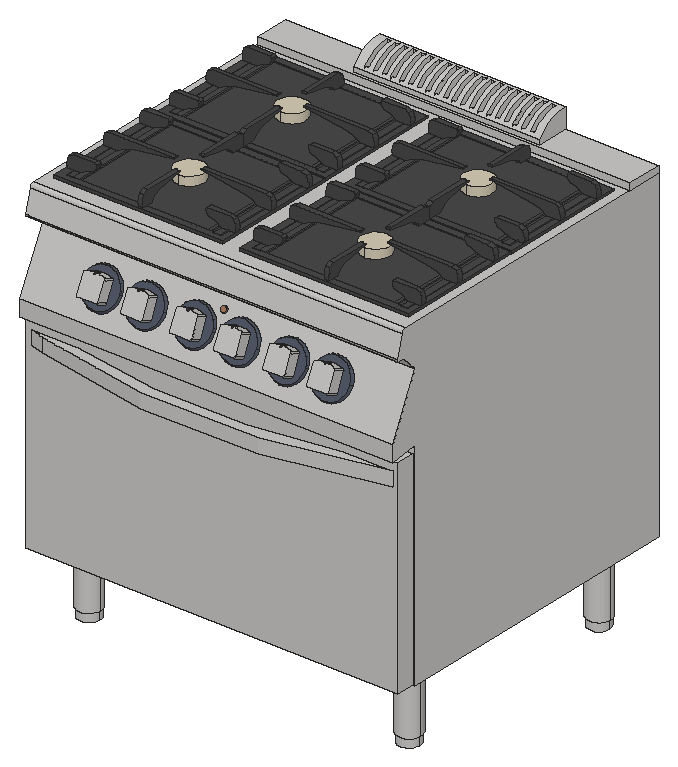
Revit family "QF_ZANUSSI_372149_Z7GCGH4CEA", category Specialty Equipment, Revit 2018 (continued)
Automatic sketch dimensions
  Extrusion 34 sketch curve to Extrusion 34 sketch curve = 5.399 mm
  Blend 35 sketch curve to plane 7 "Center Y" = 47.5 mm  (x2)
  Split face 47 sketch curve to Split face 47 sketch curve = 6.0 mm
  Split face 47 sketch curve to Split face 47 sketch curve = 2.0 mm
  plane 13 "panel" to Extrusion 36 sketch curve = 35.0 mm
  plane 5 "FRONT" to Extrusion 36 sketch curve = 5.671 mm
  Extrusion 36 sketch curve to Extrusion 36 sketch curve = 3.0 mm
  Extrusion 36 sketch curve to Extrusion 36 sketch curve = 0.0 mm
  Extrusion 36 sketch curve to Extrusion 36 sketch curve = 1.0 mm  (x2)
  Extrusion 36 sketch curve to Extrusion 36 sketch curve = 15.0 mm
  plane 7 "Center Y" to Extrusion 37 sketch curve = 65.0 mm
  plane 7 "Center Y" to Extrusion 37 sketch curve = 30.0 mm
  Extrusion 37 sketch curve to Extrusion 37 sketch curve = 35.0 mm
  Split face 48 sketch curve to Split face 48 sketch curve = 6.0 mm
  Split face 48 sketch curve to Split face 48 sketch curve = 2.0 mm
  Split face 49 sketch curve to Split face 49 sketch curve = 6.0 mm
  Split face 49 sketch curve to Split face 49 sketch curve = 2.0 mm
  Extrusion 38 sketch curve to plane 7 "Center Y" = 0.0 mm
  curve 199 to curve 200 = 0.0 mm  (x2)
  curve 199 to curve 201 = 0.0 mm  (x2)
  curve 199 to curve 202 = 0.0 mm  (x2)
  plane 11 to curve 11 = 0.0 mm
  curve 3 to plane 4 "RIGHT" = 0.0 mm
  curve 199 to plane 11 = 0.1 mm
  curve 200 to plane 11 = 0.1 mm
  plane 1 "BACK" to curve 93 = 0.0 mm
  curve 202 to plane 7 "Center Y" = 0.0 mm
  curve 202 to plane 11 = 0.1 mm
  curve 1 to plane 3 "LEFT" = 0.0 mm
  plane 11 to curve 9 = 0.0 mm
  plane 11 to curve 7 = 0.0 mm
  plane 11 to curve 4 = 0.0 mm
  plane 12 to curve 3 = 0.0 mm
  plane 4 "RIGHT" to curve 10 = 100.0 mm
  plane 1 "BACK" to curve 60 = 63.911 mm
  plane 7 "Center Y" to curve 60 = 185.153 mm
  curve 60 to curve 61 = 9.296 mm
  curve 62 to curve 64 = 9.397 mm
  curve 64 to curve 66 = 9.296 mm
  curve 66 to curve 71 = 9.397 mm
  curve 68 to curve 69 = 9.296 mm
  curve 69 to curve 72 = 9.397 mm
  curve 72 to curve 75 = 9.296 mm
  curve 74 to curve 76 = 9.397 mm
  curve 76 to curve 79 = 9.296 mm
  curve 77 to curve 80 = 9.397 mm
  curve 80 to curve 81 = 9.296 mm
  curve 82 to curve 84 = 9.397 mm
  curve 84 to curve 86 = 9.296 mm
  curve 85 to curve 89 = 9.397 mm
  curve 88 to curve 90 = 9.296 mm
  curve 90 to curve 16 = 9.397 mm
  curve 16 to curve 18 = 9.296 mm
  curve 17 to curve 20 = 9.397 mm
  plane 7 "Center Y" to curve 22 = 7.624 mm
  curve 25 to plane 7 "Center Y" = 1.773 mm
  curve 24 to curve 27 = 9.296 mm
  curve 25 to curve 29 = 9.397 mm
  curve 28 to curve 29 = 9.296 mm
  curve 29 to curve 32 = 9.397 mm
  curve 32 to curve 34 = 9.296 mm
  curve 33 to curve 36 = 9.397 mm
  curve 36 to curve 37 = 9.296 mm
  curve 37 to curve 40 = 9.397 mm
  curve 40 to curve 43 = 9.296 mm
  curve 41 to curve 44 = 9.397 mm
  curve 44 to curve 46 = 9.296 mm
  curve 46 to curve 48 = 9.397 mm
  curve 48 to curve 50 = 9.296 mm
  curve 50 to curve 52 = 9.397 mm
  curve 52 to curve 55 = 9.296 mm
  curve 53 to curve 57 = 9.397 mm
  curve 56 to curve 58 = 9.296 mm
  curve 58 to curve 15 = 9.397 mm
  curve 12 to curve 14 = 9.296 mm
  curve 9 to plane 3 "LEFT" = 100.0 mm
  curve 10 to plane 1 "BACK" = 100.0 mm
  curve 199 to plane 1 "BACK" = 537.6 mm
  plane 1 "BACK" to curve 87 = 6.761 mm
  plane 1 "BACK" to curve 88 = 6.761 mm
  plane 1 "BACK" to curve 51 = 6.761 mm
  plane 1 "BACK" to curve 12 = 6.761 mm
  plane 1 "BACK" to curve 83 = 6.761 mm
  plane 1 "BACK" to curve 16 = 6.761 mm
  plane 1 "BACK" to curve 79 = 6.761 mm
  plane 1 "BACK" to curve 20 = 6.761 mm
  plane 1 "BACK" to curve 75 = 6.761 mm
  plane 1 "BACK" to curve 24 = 6.761 mm
  plane 1 "BACK" to curve 71 = 6.761 mm
  plane 1 "BACK" to curve 28 = 6.761 mm
  plane 1 "BACK" to curve 67 = 6.761 mm
  plane 1 "BACK" to curve 32 = 6.761 mm
  plane 1 "BACK" to curve 63 = 6.761 mm
  plane 1 "BACK" to curve 36 = 6.761 mm
  plane 1 "BACK" to curve 59 = 6.761 mm
  plane 1 "BACK" to curve 40 = 6.761 mm
  plane 1 "BACK" to curve 55 = 6.761 mm
  plane 1 "BACK" to curve 44 = 6.761 mm
  curve 46 to curve 45 = 57.15 mm
  curve 48 to curve 45 = 0.0 mm
  curve 90 to curve 90 = 57.15 mm
  curve 44 to curve 42 = 0.0 mm
  curve 52 to curve 49 = 0.0 mm
  curve 40 to curve 38 = 0.0 mm
  curve 56 to curve 53 = 0.0 mm
  curve 36 to curve 34 = 0.0 mm
  curve 32 to curve 30 = 0.0 mm
  curve 64 to curve 61 = 0.0 mm
  curve 28 to curve 26 = 0.0 mm
  curve 68 to curve 65 = 0.0 mm
  curve 24 to curve 22 = 0.0 mm
  curve 72 to curve 69 = 0.0 mm
  curve 20 to curve 18 = 0.0 mm
  curve 76 to curve 73 = 0.0 mm
  curve 14 to curve 57 = 0.0 mm
  curve 80 to curve 77 = 0.0 mm
  curve 84 to curve 81 = 0.0 mm
  curve 199 to plane 4 "RIGHT" = 61.73 mm
  curve 199 to curve 200 = 114.269 mm
  curve 93 to curve 60 = 14.847 mm
  plane 11 to curve 200 = 7.604 mm
  plane 11 to curve 201 = 10.58 mm  (x2)
  curve 200 to curve 201 = 22.879 mm
  plane 11 to curve 202 = 7.605 mm
  curve 201 to curve 202 = 22.876 mm
  curve 13 to curve 92 = 20.698 mm
  curve 199 to plane 11 = 0.229 mm
  curve 7 to curve 5 = 69.85 mm
  curve 5 to curve 6 = 6.35 mm
  plane 5 "FRONT" to Extrusion 5 sketch curve = 15.0 mm
  Extrusion 5 sketch curve to plane 5 "FRONT" = 0.0 mm
  Extrusion 5 sketch curve to plane 6 "TOP" = 110.989 mm
  Extrusion 5 sketch curve to plane 5 "FRONT" = 0.116 mm
  Extrusion 5 sketch curve to Extrusion 5 sketch curve = 2.884 mm
  Extrusion 5 sketch curve to plane 6 "TOP" = 65.474 mm
  Extrusion 5 sketch curve to Extrusion 5 sketch curve = 13.051 mm
  Extrusion 5 sketch curve to plane 6 "TOP" = 114.816 mm
  Extrusion 5 sketch curve to Extrusion 5 sketch curve = 10.198 mm
  Extrusion 5 sketch curve to Extrusion 5 sketch curve = 7.474 mm
  Extrusion 5 sketch curve to Extrusion 5 sketch curve = 40.0 mm
  Extrusion 5 sketch curve to Extrusion 5 sketch curve = 1.355 mm
  Extrusion 5 sketch curve to Extrusion 5 sketch curve = 0.445 mm
  Extrusion 5 sketch curve to Extrusion 5 sketch curve = 5.0 mm  (x2)
  Extrusion 5 sketch curve to plane 10 = 88.636 mm
  Extrusion 5 sketch curve to Extrusion 5 sketch curve = 31.82 mm
  Extrusion 5 sketch curve to plane 1 "BACK" = 0.0 mm
  Extrusion 5 sketch curve to plane 10 = 209.492 mm
  Extrusion 5 sketch curve to Extrusion 5 sketch curve = 27.08 mm
  Extrusion 5 sketch curve to Extrusion 5 sketch curve = 35.0 mm
  Extrusion 5 sketch curve to Extrusion 5 sketch curve = 10.259 mm
  plane 9 "Base" to Extrusion 5 sketch curve = 5.0 mm
  radius of Extrusion 7 sketch curve = 6.35 mm
  radius of Blend 12 sketch curve = 42.5 mm
  radius of Blend 12 sketch curve = 40.5 mm
  radius of Split face 1 sketch curve = 3.0 mm
  radius of Blend 18 sketch curve = 42.5 mm
  radius of Blend 18 sketch curve = 40.5 mm
  radius of Split face 10 sketch curve = 1.5 mm
  radius of Split face 11 sketch curve = 2.029 mm
  radius of Split face 12 sketch curve = 2.031 mm
  radius of Split face 13 sketch curve = 3.497 mm
  radius of Split face 14 sketch curve = 3.497 mm
  radius of Split face 15 sketch curve = 3.0 mm
  radius of Split face 16 sketch curve = 1.5 mm
  radius of Blend 20 sketch curve = 42.5 mm
  radius of Blend 20 sketch curve = 40.5 mm
  radius of Split face 17 sketch curve = 1.0 mm
  radius of Split face 18 sketch curve = 1.0 mm
  radius of Split face 19 sketch curve = 1.0 mm
  radius of Split face 20 sketch curve = 1.0 mm
  radius of Split face 21 sketch curve = 1.0 mm
  radius of Split face 22 sketch curve = 1.0 mm
  radius of Split face 23 sketch curve = 1.0 mm
  radius of Split face 24 sketch curve = 1.0 mm
  radius of Split face 25 sketch curve = 1.0 mm
  radius of Split face 26 sketch curve = 1.0 mm
  radius of Split face 27 sketch curve = 1.0 mm
  radius of Split face 28 sketch curve = 1.0 mm
  radius of Split face 29 sketch curve = 1.0 mm
  radius of Blend 22 sketch curve = 42.5 mm
  radius of Blend 22 sketch curve = 40.5 mm
  radius of Split face 30 sketch curve = 3.0 mm
  radius of Blend 28 sketch curve = 42.5 mm
  radius of Blend 28 sketch curve = 40.5 mm
  radius of Split face 39 sketch curve = 1.5 mm
  radius of Split face 40 sketch curve = 2.029 mm
  radius of Split face 41 sketch curve = 2.031 mm
  radius of Split face 42 sketch curve = 3.497 mm
  radius of Split face 43 sketch curve = 3.497 mm
  radius of Split face 44 sketch curve = 3.0 mm
  radius of Split face 45 sketch curve = 1.5 mm
  radius of Extrusion 31 sketch curve = 10.0 mm
  radius of Split face 46 sketch curve = 1.0 mm
  radius of Blend 35 sketch curve = 42.5 mm
  radius of Blend 35 sketch curve = 40.5 mm
  radius of Split face 50 sketch curve = 1.714 mm
  radius of Extrusion 38 sketch curve = 6.0 mm
Nested families
  nested 1: "QF_372003_BURNER" at (12.5, -5, 0), type "QF_372003_BURNER"
    with Type Mark "", Status "", Specification by User "", Revision Code "", Item Number "", Installed By "", Identify Quantity as Lot yes, Furnished By "", Foodservice Equipment Identifier yes
  nested 2: "QF_372003_BURNER" at (12.5, -738.715, 0), type "QF_372003_BURNER"
    with Type Mark "", Status "", Specification by User "", Revision Code "", Item Number "", Installed By "", Identify Quantity as Lot yes, Furnished By "", Foodservice Equipment Identifier yes
  nested 3: "QF_372003_BURNER" at (412.5, -5, 0), type "QF_372003_BURNER"
    with Type Mark "", Status "", Specification by User "", Revision Code "", Item Number "", Installed By "", Identify Quantity as Lot yes, Furnished By "", Foodservice Equipment Identifier yes
  nested 4: "QF_372003_BURNER" at (412.5, -738.715, 0), type "QF_372003_BURNER"
    with Type Mark "", Status "", Specification by User "", Revision Code "", Item Number "", Installed By "", Identify Quantity as Lot yes, Furnished By "", Foodservice Equipment Identifier yes
Connectors
  piping at (747.613, -466, 141.185), diameter 12.8
    settings: on Extrusion 7, index 1, connector inside diameter 0.50394", connector length 0.0 mm, flow factor 0, pipe flow 0 GPM, pressure drop 0.00 psi, fitting loss kfactor 0, connector angle 0.00°, fixture units 0, engagement length 0.0 mm, angle of deflection 0.00°, flow configuration 1, flow direction 1, fitting loss method 0, system type 7, joint type 0, gender type 0, connector reference index -1, connector utility 0, adjustable connector no, is connector primary yes, connector description "Gas Inlet"
  electrical at (752, -513, 147), driven by "Volts"
    settings: on Extrusion 31, index 2, voltage 380 V, apparent load 0 VA, apparent load phase1 0 VA, apparent load phase2 0 VA, apparent load phase3 0 VA, power factor 1, load classification "Other", number of poles 1, system type 30, power factor state 1, is connector primary yes, connector utility no, sub classification motor no, connector description "Electrical Connection"
Definition of nested family "QF_372003_BURNER"
  Parameters
    Weight in Pounds = 0
    URL Cutsheet = ""
    URL = "www.electrolux.com"
    Type Mark [instance] = ""
    Status [instance] = ""
    Specification by User [instance] = ""
    Specification by Manufacturer = ""
    Serial Number = ""
    Seismic Rating = ""
    SMACNA No = ""
    Revision Code [instance] = ""
    Omniclass Number and Title = ""
    NAFEM Spec ID Number = ""
    Model = "371009"
    Masterspec = ""
    Manufacturer = "ELECTROLUX"
    Item Number [instance] = ""
    Installed By [instance] = ""
    Identify Quantity as Lot [instance] = yes
    Furnished By [instance] = ""
    Foodservice Equipment Identifier [instance] = yes
    Description = ""
    CSI MasterFormat = ""
    CSI Master Format = ""
  Reference planes
    plane 1 "BACK": y = 0
    plane 2: z = 0
    plane 3 "LEFT": x = 0
    plane 4 "RIGHT": x = 800
    plane 5 "FRONT": y = -700
    plane 6 "TOP": z = 908.85
    plane 7 "Center Y": x = 400
    plane 8 "Center X": y = -350
    plane 9 "Base": z = 150
    plane 10: z = 850.85
  Forms (mm)
    Extrusion 1, solid
      sketch origin (0, -734.127, 5) x (1, 0, 0) y (0, 0, -1)
        loop
          arc (7.142, -850.85) -> (6.739, -862.989) -> (9.761, -874.752) r 42.809
          line (9.761, -874.752) -> (19.961, -879.425) -> (157.339, -879.425)
          arc (157.339, -879.425) -> (158.533, -878.312) -> (157.506, -877.043) r 1.197
          line (157.506, -877.043) -> (64.848, -864.021)
          arc (64.848, -864.021) -> (50.111, -858.738) -> (36.589, -850.85) r 85.245
          line (36.589, -850.85) -> (7.142, -850.85)
        loop
          line (367.858, -850.85) -> (338.411, -850.85)
          arc (338.411, -850.85) -> (324.889, -858.738) -> (310.152, -864.021) r 85.245
          line (310.152, -864.021) -> (217.494, -877.043)
          arc (217.494, -877.043) -> (216.467, -878.312) -> (217.661, -879.425) r 1.197
          line (217.661, -879.425) -> (355.039, -879.425) -> (365.239, -874.752)
          arc (365.239, -874.752) -> (368.261, -862.989) -> (367.858, -850.85) r 42.809
      from 224.564 to 234.564
    Extrusion 2, solid
      sketch origin (0, -734.127, 5) x (1, 0, 0) y (0, 0, -1)
        loop
          arc (7.056, -850.85) -> (6.705, -862.948) -> (9.748, -874.663) r 42.876
          line (9.748, -874.663) -> (19.961, -879.425) -> (65.851, -879.425)
          arc (65.851, -879.425) -> (68.577, -878.352) -> (69.841, -875.709) r 4
          arc (69.841, -875.709) -> (68.75, -869.25) -> (64.816, -864.012) r 13.87
          arc (64.816, -864.012) -> (50.096, -858.731) -> (36.589, -850.85) r 85.245
          line (36.589, -850.85) -> (7.056, -850.85)
        loop
          line (367.944, -850.85) -> (338.411, -850.85)
          arc (338.411, -850.85) -> (324.904, -858.731) -> (310.184, -864.012) r 85.245
          arc (310.184, -864.012) -> (306.25, -869.25) -> (305.159, -875.709) r 13.87
          arc (305.159, -875.709) -> (306.423, -878.352) -> (309.149, -879.425) r 4
          line (309.149, -879.425) -> (355.039, -879.425) -> (365.252, -874.663)
          arc (365.252, -874.663) -> (368.295, -862.948) -> (367.944, -850.85) r 42.876
      from 127.064 to 137.064
    Extrusion 3, solid
      sketch origin (0, -275, 5) x (1, 0, 0) y (0, 0, 1)
        loop
          arc (64.816, 864.012) -> (68.75, 869.25) -> (69.841, 875.709) r 13.87
          arc (69.841, 875.709) -> (68.577, 878.352) -> (65.851, 879.425) r 4
          line (65.851, 879.425) -> (19.961, 879.425) -> (9.748, 874.663)
          arc (9.748, 874.663) -> (6.705, 862.948) -> (7.056, 850.85) r 42.876
          line (7.056, 850.85) -> (36.589, 850.85)
          arc (36.589, 850.85) -> (50.096, 858.731) -> (64.816, 864.012) r 85.245
        loop
          arc (310.184, 864.012) -> (324.904, 858.731) -> (338.411, 850.85) r 85.245
          line (338.411, 850.85) -> (367.944, 850.85)
          arc (367.944, 850.85) -> (368.295, 862.948) -> (365.252, 874.663) r 42.876
          line (365.252, 874.663) -> (355.039, 879.425) -> (309.149, 879.425)
          arc (309.149, 879.425) -> (306.423, 878.352) -> (305.159, 875.709) r 4
          arc (305.159, 875.709) -> (306.25, 869.25) -> (310.184, 864.012) r 13.87
      from 127.064 to 137.064
    Extrusion 4, solid
      sketch origin (454.964, -29.48, 5) x (0, -1, 0) y (0, 0, 1)
        loop
          arc (366.649, 850.85) -> (375.927, 861.743) -> (389.337, 866.736) r 28.426
          line (389.337, 866.736) -> (441.256, 877.043)
          arc (441.256, 877.043) -> (442.283, 878.312) -> (441.089, 879.425) r 1.197
          line (441.089, 879.425) -> (347.797, 879.425)
          arc (347.797, 879.425) -> (343.211, 875.934) -> (337.583, 874.694) r 13.39
          line (337.583, 874.694) -> (337.583, 850.85) -> (366.649, 850.85)
        loop
          arc (606.236, 850.85) -> (606.587, 862.948) -> (603.543, 874.663) r 42.876
          line (603.543, 874.663) -> (593.33, 879.425) -> (509.077, 879.425)
          arc (509.077, 879.425) -> (507.883, 878.312) -> (508.911, 877.043) r 1.197
          line (508.911, 877.043) -> (560.83, 866.736)
          arc (560.83, 866.736) -> (574.239, 861.743) -> (583.518, 850.85) r 28.426
          line (583.518, 850.85) -> (606.236, 850.85)
      from 262.464 to 272.464
    Extrusion 5, solid
      sketch origin (0, 0, 850.85) x (0, -1, 0) y (1, 0, 0)
        loop
          line (642.216, 6.433) -> (642.216, 368.567) -> (367.857, 368.567) -> (367.857, 6.433) -> (642.216, 6.433)
        loop
          line (382.857, 21.433) -> (627.216, 21.433) -> (627.216, 353.567) -> (382.857, 353.567) -> (382.857, 21.433)
      from 0 to 5
    Extrusion 6, solid
      sketch origin (-12.5, 0, 855.85) x (0, -1, 0) y (1, 0, 0)
        loop
          circle (504.356, 200) r 30
      from -1.321 to 17.134
    Extrusion 7, solid
      sketch origin (0, -734.127, 0) x (1, 0, 0) y (0, 0, -1)
        loop
          line (21.433, -855.85) -> (36.589, -855.85)
          arc (36.589, -855.85) -> (40.561, -855.243) -> (44.305, -853.783) r 18.259
          arc (44.305, -853.783) -> (45.997, -853.366) -> (47.69, -853.783) r 3.649
          arc (47.69, -853.783) -> (49.901, -854.522) -> (52.232, -854.529) r 7.328
          line (52.232, -854.529) -> (322.768, -854.529)
          arc (322.768, -854.529) -> (325.099, -854.522) -> (327.31, -853.783) r 7.328
          arc (327.31, -853.783) -> (329.003, -853.366) -> (330.695, -853.783) r 3.649
          arc (330.695, -853.783) -> (334.439, -855.243) -> (338.411, -855.85) r 18.259
          line (338.411, -855.85) -> (353.567, -855.85) -> (353.567, -850.85) -> (21.433, -850.85) -> (21.433, -855.85)
      from 106.911 to 351.27
  Lines and regions (mm)
    symbolic lines
      curve 1: line (6.433, -642.216, 150) -> (368.567, -642.216, 150)
      curve 2: line (6.433, -367.857, 150) -> (6.433, -642.216, 150)
      curve 3: line (368.567, -367.857, 150) -> (192.5, -367.857, 150)
      curve 4: line (368.567, -642.216, 150) -> (368.567, -367.857, 150)
      curve 5: line (353.567, -382.857, 150) -> (192.5, -382.857, 150)
      curve 6: line (353.567, -627.216, 150) -> (353.567, -607.064, 150)
      curve 7: line (21.433, -627.216, 150) -> (182.5, -627.216, 150)
      curve 8: line (21.433, -382.857, 150) -> (21.433, -402.064, 150)
      curve 9: line (52.232, -627.216, 150) -> (52.232, -607.064, 150)
      curve 10: line (322.567, -382.857, 150) -> (322.567, -402.064, 150)
      curve 11: line (148.125, -499.564, 150) -> (148.125, -382.857, 150)
      curve 12: line (154.375, -382.857, 150) -> (154.375, -499.564, 150)
      curve 13: arc (148.297, -509.564, 150) -> (159.191, -533.254, 150) -> (182.5, -544.942, 150) r 39.375
      curve 14: arc (220.42, -509.564, 150) -> (211.39, -528.832, 150) -> (192.5, -538.631, 150) r 33.125
      curve 15: line (220.625, -382.857, 150) -> (220.625, -499.564, 150)
      curve 16: line (226.875, -499.564, 150) -> (226.875, -382.857, 150)
      curve 17: line (192.5, -636.339, 150) -> (192.5, -535.619, 150)
      curve 18: arc (182.657, -474.75, 150) -> (166.195, -483.236, 150) -> (157.853, -499.771, 150) r 30
      curve 19: arc (192.224, -533.982, 150) -> (208.621, -525.661, 150) -> (217.084, -509.337, 150) r 30
      curve 20: line (368.567, -597.064, 150) -> (305.159, -597.064, 150)
      curve 21: line (6.433, -607.064, 150) -> (69.841, -607.064, 150)
      curve 22: line (6.433, -509.564, 150) -> (156.429, -509.564, 150)
      curve 23: line (368.567, -499.564, 150) -> (218.571, -499.564, 150)
      curve 24: line (6.433, -412.064, 150) -> (69.841, -412.064, 150)
      curve 25: line (368.567, -402.064, 150) -> (305.159, -402.064, 150)
      curve 26: line (69.841, -597.064, 150) -> (6.433, -597.064, 150)
      curve 27: line (305.159, -607.064, 150) -> (368.567, -607.064, 150)
      curve 28: line (69.841, -402.064, 150) -> (6.433, -402.064, 150)
      curve 29: line (305.159, -412.064, 150) -> (368.567, -412.064, 150)
      curve 30: arc (69.841, -597.064, 150) -> (74.841, -602.064, 150) -> (69.841, -607.064, 150) r 5
      curve 31: arc (305.159, -607.064, 150) -> (300.159, -602.064, 150) -> (305.159, -597.064, 150) r 5
      curve 32: arc (69.841, -402.064, 150) -> (74.841, -407.064, 150) -> (69.841, -412.064, 150) r 5
      curve 33: arc (305.159, -412.064, 150) -> (300.159, -407.064, 150) -> (305.159, -402.064, 150) r 5
      curve 34: line (21.433, -412.064, 150) -> (21.433, -499.564, 150)
      curve 35: line (52.232, -402.064, 150) -> (52.232, -382.857, 150)
      curve 36: line (21.433, -509.564, 150) -> (21.433, -597.064, 150)
      curve 37: line (52.232, -499.564, 150) -> (52.232, -412.064, 150)
      curve 38: line (52.232, -597.064, 150) -> (52.232, -509.564, 150)
      curve 39: line (21.433, -607.064, 150) -> (21.433, -627.216, 150)
      curve 40: line (322.567, -607.064, 150) -> (322.567, -627.216, 150)
      curve 41: line (353.567, -597.064, 150) -> (353.567, -509.564, 150)
      curve 42: line (322.567, -509.564, 150) -> (322.567, -597.064, 150)
      curve 43: line (353.567, -499.564, 150) -> (353.567, -412.064, 150)
      curve 44: line (353.567, -402.064, 150) -> (353.567, -382.857, 150)
      curve 45: line (322.567, -412.064, 150) -> (322.567, -499.564, 150)
      curve 46: line (156.429, -499.564, 150) -> (6.433, -499.564, 150)
      curve 47: line (218.571, -509.564, 150) -> (368.567, -509.564, 150)
      curve 48: arc (218.571, -499.564, 150) -> (213.571, -504.564, 150) -> (218.571, -509.564, 150) r 5
      curve 49: arc (156.429, -499.564, 150) -> (161.429, -504.564, 150) -> (156.429, -509.564, 150) r 5
      curve 50: arc (157.916, -509.337, 150) -> (166.379, -525.661, 150) -> (182.776, -533.982, 150) r 30
      curve 51: arc (217.147, -499.771, 150) -> (208.805, -483.236, 150) -> (192.343, -474.75, 150) r 30
      curve 52: line (182.5, -535.619, 150) -> (182.5, -636.339, 150)
      curve 53: line (192.5, -473.508, 150) -> (192.5, -367.064, 150)
      curve 54: arc (192.5, -535.619, 150) -> (187.5, -530.619, 150) -> (182.5, -535.619, 150) r 5
      curve 55: arc (192.5, -473.508, 150) -> (187.5, -478.508, 150) -> (182.5, -473.508, 150) r 5
      curve 56: line (182.5, -367.857, 150) -> (6.433, -367.857, 150)
      curve 57: line (182.5, -382.857, 150) -> (21.433, -382.857, 150)
      curve 58: arc (192.5, -404.571, 150) -> (196.398, -417.071, 150) -> (192.5, -429.571, 150) r 21.993
      curve 59: arc (196.181, -420.148, 150) -> (199.482, -417.071, 150) -> (196.181, -413.995, 150) r 3.084
      curve 60: arc (182.5, -404.571, 150) -> (178.602, -417.071, 150) -> (182.5, -429.571, 150) r 21.993
      curve 61: arc (178.819, -420.148, 150) -> (175.518, -417.071, 150) -> (178.819, -413.995, 150) r 3.084
      curve 62: line (182.5, -367.064, 150) -> (182.5, -473.508, 150)
      curve 63: arc (182.5, -538.631, 150) -> (163.61, -528.832, 150) -> (154.58, -509.564, 150) r 33.125
      curve 64: arc (192.5, -544.942, 150) -> (215.809, -533.254, 150) -> (226.703, -509.564, 150) r 39.375
      curve 65: line (182.5, -636.339, 150) -> (192.5, -636.339, 150)
      curve 66: line (182.5, -377.277, 150) -> (192.5, -377.277, 150)
      curve 67: line (182.5, -367.064, 150) -> (192.5, -367.064, 150)
      curve 68: line (192.5, -627.216, 150) -> (353.567, -627.216, 150)
  Dimensions and locks
    equal spacing: plane 3 "LEFT", plane 7 "Center Y", plane 4 "RIGHT"
    plane 3 "LEFT" to plane 4 "RIGHT" = 800.0 mm
    equal spacing: plane 5 "FRONT", plane 8 "Center X", plane 1 "BACK"
    plane 5 "FRONT" to plane 1 "BACK" = 700.0 mm
    plane 6 "TOP" to level = 908.85 mm
    plane 9 "Base" to level = 150.0 mm
    plane 6 "TOP" to plane 10 = 58.0 mm  (x2)
    aligned and locked: level to plane 2
  Automatic sketch dimensions
    Extrusion 5 sketch curve to Extrusion 5 sketch curve = 15.0 mm  (x2)
    Extrusion 5 sketch curve to Extrusion 5 sketch curve = 332.134 mm
    plane 3 "LEFT" to Extrusion 2 sketch curve = 7.056 mm
    plane 3 "LEFT" to Extrusion 2 sketch curve = 9.748 mm
    Extrusion 2 sketch curve to Extrusion 2 sketch curve = 10.213 mm  (x2)
    plane 10 to Extrusion 2 sketch curve = 5.0 mm  (x2)
    Extrusion 2 sketch curve to Extrusion 2 sketch curve = 29.533 mm
    Extrusion 2 sketch curve to Extrusion 2 sketch curve = 12.72 mm  (x2)
    Extrusion 2 sketch curve to Extrusion 2 sketch curve = 6.697 mm
    Extrusion 2 sketch curve to Extrusion 2 sketch curve = 8.81 mm
    Extrusion 2 sketch curve to Extrusion 2 sketch curve = 9.845 mm  (x2)
    Extrusion 2 sketch curve to Extrusion 2 sketch curve = 3.99 mm  (x2)
    Extrusion 2 sketch curve to Extrusion 2 sketch curve = 0.0 mm  (x2)
    Extrusion 2 sketch curve to Extrusion 2 sketch curve = 36.813 mm
    Extrusion 2 sketch curve to plane 7 "Center Y" = 111.122 mm
    Extrusion 2 sketch curve to plane 6 "TOP" = 28.141 mm
    Extrusion 2 sketch curve to plane 7 "Center Y" = 94.841 mm
    Extrusion 2 sketch curve to Extrusion 2 sketch curve = 1.035 mm
    Extrusion 2 sketch curve to Extrusion 2 sketch curve = 15.507 mm
    Extrusion 2 sketch curve to Extrusion 2 sketch curve = 16.628 mm
    Extrusion 2 sketch curve to Extrusion 2 sketch curve = 2.692 mm
    Extrusion 2 sketch curve to plane 6 "TOP" = 24.425 mm
    Extrusion 2 sketch curve to Extrusion 2 sketch curve = 28.575 mm
    Extrusion 2 sketch curve to Extrusion 2 sketch curve = 3.716 mm
    Extrusion 2 sketch curve to Extrusion 2 sketch curve = 4.763 mm  (x2)
    plane 3 "LEFT" to Extrusion 1 sketch curve = 7.142 mm
    plane 3 "LEFT" to Extrusion 1 sketch curve = 9.761 mm
    Extrusion 1 sketch curve to Extrusion 1 sketch curve = 10.201 mm  (x2)
    plane 10 to Extrusion 1 sketch curve = 5.0 mm  (x2)
    Extrusion 1 sketch curve to Extrusion 1 sketch curve = 29.447 mm
    Extrusion 1 sketch curve to Extrusion 1 sketch curve = 12.704 mm  (x2)
    Extrusion 1 sketch curve to Extrusion 1 sketch curve = 15.555 mm  (x2)
    Extrusion 1 sketch curve to Extrusion 1 sketch curve = 36.829 mm
    Extrusion 1 sketch curve to plane 6 "TOP" = 24.425 mm  (x2)
    Extrusion 1 sketch curve to Extrusion 1 sketch curve = 92.491 mm
    Extrusion 1 sketch curve to plane 6 "TOP" = 26.807 mm  (x2)
    Extrusion 1 sketch curve to Extrusion 1 sketch curve = 0.167 mm  (x2)
    Extrusion 1 sketch curve to Extrusion 1 sketch curve = 59.988 mm
    Extrusion 1 sketch curve to plane 7 "Center Y" = 111.122 mm
    plane 10 to Extrusion 1 sketch curve = 18.171 mm
    Extrusion 1 sketch curve to Extrusion 1 sketch curve = 21.274 mm
    Extrusion 1 sketch curve to Extrusion 1 sketch curve = 16.628 mm
    Extrusion 1 sketch curve to Extrusion 1 sketch curve = 2.618 mm
    Extrusion 1 sketch curve to Extrusion 1 sketch curve = 4.673 mm  (x2)
    Extrusion 1 sketch curve to Extrusion 1 sketch curve = 5.694 mm
    plane 3 "LEFT" to Extrusion 3 sketch curve = 7.056 mm
    plane 3 "LEFT" to Extrusion 3 sketch curve = 9.748 mm
    Extrusion 3 sketch curve to Extrusion 3 sketch curve = 10.213 mm  (x2)
    plane 10 to Extrusion 3 sketch curve = 5.0 mm  (x2)
    Extrusion 3 sketch curve to Extrusion 3 sketch curve = 29.533 mm
    Extrusion 3 sketch curve to Extrusion 3 sketch curve = 12.72 mm  (x2)
    Extrusion 3 sketch curve to Extrusion 3 sketch curve = 6.697 mm
    Extrusion 3 sketch curve to Extrusion 3 sketch curve = 8.81 mm
    Extrusion 3 sketch curve to Extrusion 3 sketch curve = 9.845 mm  (x2)
    Extrusion 3 sketch curve to Extrusion 3 sketch curve = 3.99 mm  (x2)
    Extrusion 3 sketch curve to Extrusion 3 sketch curve = 0.0 mm  (x2)
    Extrusion 3 sketch curve to Extrusion 3 sketch curve = 36.813 mm
    Extrusion 3 sketch curve to plane 7 "Center Y" = 111.122 mm
    Extrusion 3 sketch curve to plane 6 "TOP" = 28.141 mm
    Extrusion 3 sketch curve to plane 7 "Center Y" = 94.841 mm
    Extrusion 3 sketch curve to Extrusion 3 sketch curve = 1.035 mm
    Extrusion 3 sketch curve to Extrusion 3 sketch curve = 15.507 mm
    Extrusion 3 sketch curve to Extrusion 3 sketch curve = 16.628 mm
    Extrusion 3 sketch curve to Extrusion 3 sketch curve = 2.692 mm
    Extrusion 3 sketch curve to plane 10 = 64.377 mm  (x2)
    plane 10 to Extrusion 3 sketch curve = 12.281 mm  (x2)
    Extrusion 3 sketch curve to Extrusion 3 sketch curve = 10.713 mm
    Extrusion 5 to Extrusion 6 sketch curve = 121.499 mm
    Extrusion 5 to Extrusion 6 sketch curve = 166.067 mm
    plane 3 "LEFT" to Extrusion 5 sketch curve = 21.433 mm
    Extrusion 5 sketch curve to plane 5 "FRONT" = 72.784 mm
    plane 3 "LEFT" to Extrusion 7 sketch curve = 21.433 mm
    Extrusion 7 sketch curve to Extrusion 7 sketch curve = 14.402 mm
    plane 10 to Extrusion 7 sketch curve = 5.0 mm
    plane 10 to Extrusion 7 sketch curve = 2.933 mm  (x4)
    Extrusion 7 sketch curve to Extrusion 7 sketch curve = 7.716 mm  (x2)
    Extrusion 7 sketch curve to Extrusion 7 sketch curve = 0.0 mm  (x2)
    Extrusion 7 sketch curve to Extrusion 7 sketch curve = 1.692 mm  (x2)
    Extrusion 7 sketch curve to Extrusion 7 sketch curve = 3.385 mm  (x2)
    Extrusion 7 sketch curve to plane 10 = 3.559 mm  (x2)
    Extrusion 7 sketch curve to Extrusion 7 sketch curve = 302.478 mm
    Extrusion 7 sketch curve to Extrusion 7 sketch curve = 15.253 mm
    Extrusion 7 sketch curve to Extrusion 7 sketch curve = 15.156 mm  (x2)
    Extrusion 7 sketch curve to Extrusion 7 sketch curve = 3.233 mm
    Extrusion 7 sketch curve to plane 10 = 0.0 mm
    Extrusion 7 sketch curve to plane 7 "Center Y" = 77.232 mm
    Extrusion 5 sketch curve to plane 8 "Center X" = 32.857 mm
    plane 3 "LEFT" to Extrusion 5 sketch curve = 6.433 mm
    plane 1 "BACK" to Extrusion 5 sketch curve = 367.857 mm
    plane 10 to Extrusion 4 sketch curve = 5.0 mm  (x2)
    Extrusion 4 sketch curve to Extrusion 4 sketch curve = 29.066 mm
    Extrusion 4 sketch curve to Extrusion 4 sketch curve = 22.688 mm
    Extrusion 4 sketch curve to plane 10 = 7.392 mm  (x2)
    Extrusion 4 sketch curve to Extrusion 4 sketch curve = 25.583 mm
    Extrusion 4 sketch curve to plane 6 "TOP" = 24.425 mm  (x2)
    Extrusion 4 sketch curve to Extrusion 4 sketch curve = 51.752 mm
    Extrusion 4 sketch curve to Extrusion 4 sketch curve = 0.167 mm  (x2)
    Extrusion 4 sketch curve to plane 6 "TOP" = 26.807 mm
    Extrusion 4 sketch curve to Extrusion 4 sketch curve = 67.655 mm
    Extrusion 4 sketch curve to Extrusion 4 sketch curve = 49.024 mm
    Extrusion 4 sketch curve to Extrusion 4 sketch curve = 2.895 mm
    Extrusion 4 sketch curve to Extrusion 4 sketch curve = 3.153 mm
    Extrusion 4 sketch curve to Extrusion 4 sketch curve = 19.535 mm
    Extrusion 4 sketch curve to Extrusion 4 sketch curve = 9.813 mm
    Extrusion 4 sketch curve to Extrusion 4 sketch curve = 10.213 mm
    Extrusion 4 sketch curve to Extrusion 4 sketch curve = 22.718 mm
    Extrusion 4 sketch curve to Extrusion 4 sketch curve = 8.605 mm
    Extrusion 4 sketch curve to Extrusion 4 sketch curve = 4.731 mm
    Extrusion 4 sketch curve to Extrusion 4 sketch curve = 2.382 mm
    Extrusion 4 sketch curve to Extrusion 4 sketch curve = 8.658 mm
    Extrusion 4 sketch curve to plane 8 "Center X" = 17.064 mm
    curve 13 to curve 14 = 0.0 mm  (x2)
    curve 13 to curve 63 = 0.0 mm  (x2)
    curve 13 to curve 64 = 0.0 mm  (x2)
    curve 18 to curve 19 = 0.0 mm  (x2)
    curve 18 to curve 50 = 0.0 mm  (x2)
    curve 18 to curve 51 = 0.0 mm  (x2)
    curve 25 to plane 7 "Center Y" = 31.433 mm
    curve 3 to curve 44 = 15.0 mm
    curve 43 to curve 44 = 0.0 mm
    curve 1 to curve 68 = 15.0 mm
    curve 41 to curve 43 = 0.0 mm
    curve 6 to curve 40 = 31.0 mm
    curve 41 to curve 42 = 31.0 mm
    curve 43 to curve 45 = 31.0 mm
    curve 10 to curve 45 = 0.0 mm
    curve 40 to curve 27 = 17.408 mm
    curve 45 to curve 29 = 17.408 mm
    curve 16 to curve 64 = 0.172 mm
    curve 16 to curve 15 = 6.25 mm
    curve 64 to curve 14 = 6.283 mm
    curve 15 to curve 23 = 2.054 mm
    curve 23 to curve 51 = 1.424 mm
    curve 47 to curve 19 = 1.487 mm
    curve 15 to curve 60 = 20.029 mm
    curve 60 to curve 59 = 4.198 mm
    curve 59 to curve 59 = 0.216 mm  (x2)
    curve 19 to curve 64 = 24.584 mm
    curve 55 to curve 51 = 0.157 mm
    curve 54 to curve 19 = 0.276 mm
    curve 19 to curve 64 = 4.724 mm
    curve 18 to curve 13 = 0.0 mm
    curve 54 to curve 54 = 5.0 mm
    curve 50 to curve 54 = 0.276 mm
    curve 18 to curve 55 = 0.157 mm
    curve 60 to curve 61 = 3.681 mm
    curve 61 to curve 61 = 0.0 mm
    curve 61 to curve 61 = 0.216 mm
    curve 61 to curve 58 = 4.198 mm
    curve 13 to curve 50 = 29.584 mm
    curve 50 to curve 18 = 0.064 mm
    curve 50 to curve 22 = 1.487 mm
    curve 22 to curve 63 = 1.849 mm
    curve 49 to curve 12 = 2.054 mm
    curve 63 to curve 13 = 6.283 mm
    curve 12 to curve 11 = 6.25 mm
    plane 3 "LEFT" to curve 30 = 69.841 mm
    plane 3 "LEFT" to curve 28 = 69.841 mm
    plane 3 "LEFT" to curve 38 = 52.232 mm
    curve 24 to curve 37 = 17.609 mm
    curve 9 to curve 38 = 0.0 mm
    curve 28 to curve 35 = 17.609 mm
    plane 3 "LEFT" to curve 39 = 21.433 mm
    plane 3 "LEFT" to curve 8 = 21.433 mm
    curve 34 to curve 8 = 0.0 mm
    curve 36 to curve 34 = 0.0 mm
    plane 3 "LEFT" to curve 21 = 6.433 mm
    curve 67 to curve 56 = 0.794 mm
    curve 67 to curve 3 = 0.794 mm
    curve 56 to curve 66 = 9.419 mm
    curve 10 to curve 33 = 19.206 mm
    curve 8 to curve 8 = 19.206 mm
    curve 57 to curve 60 = 21.714 mm
    curve 60 to curve 58 = 0.0 mm
    curve 28 to curve 32 = 5.0 mm
    curve 33 to curve 33 = 5.0 mm
    curve 58 to curve 59 = 9.423 mm
    curve 61 to curve 58 = 3.077 mm
    curve 60 to curve 62 = 43.937 mm
    curve 51 to curve 15 = 24.814 mm
    curve 23 to curve 51 = 0.207 mm
    curve 18 to curve 13 = 1.529 mm
    curve 38 to curve 38 = 87.5 mm
    curve 42 to curve 31 = 87.5 mm
    curve 26 to curve 30 = 5.0 mm
    curve 31 to curve 31 = 5.0 mm
    curve 9 to curve 9 = 20.152 mm
    curve 65 to plane 5 "FRONT" = 63.661 mm
    curve 6 to curve 4 = 15.0 mm
    curve 55 to curve 55 = 5.0 mm
    curve 53 to curve 18 = 5.0 mm
    curve 45 to curve 16 = 95.692 mm
    curve 2 to curve 57 = 15.0 mm
    curve 10 to plane 8 "Center X" = 32.857 mm
    curve 57 to plane 8 "Center X" = 32.857 mm
    curve 6 to curve 68 = 20.152 mm
    radius of Extrusion 6 sketch curve = 30.0 mm
